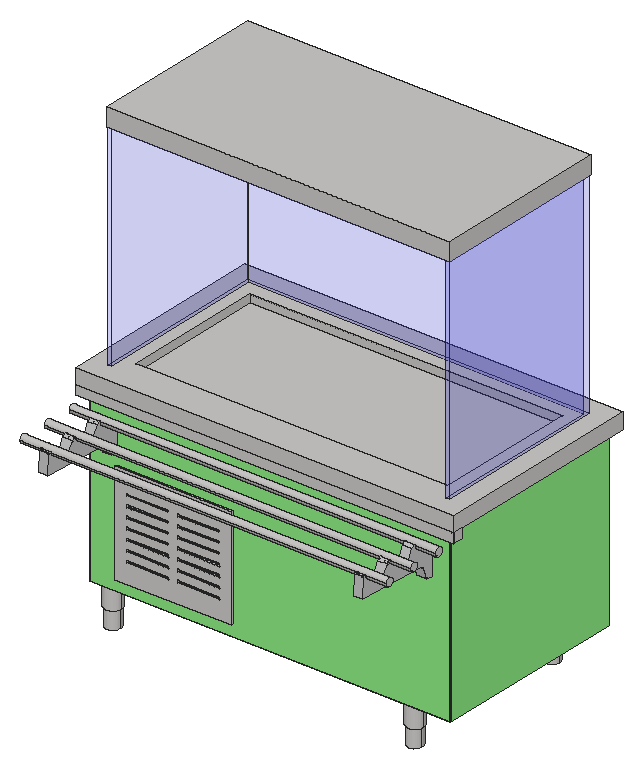
Revit family "QF_BOURGEAT_3GN_et4GN_vitrine_refrigeree_3nv", category Equipement spécialisé, Revit 2015 (continued)
Types (37, lengths in mm): name | reserve | lg_vitrine | lg_etageres | cuve_plate | Roues | Puissance électrique  | Puissance frigorifique | Poids net à vide | Pieds | profondeur_cuve | Modèle | Longueur hors tout | Intensité nominale | Etageres
  4GN_baie_libre_cuve90_etageres_roues | no | 1525 | 736 | no | yes | 2300 W | "1185W" | 335.00 kg | no | 90 | "853194 + 859424 + 854950" | 1660 | 10 A | yes
  4GN_baie_libre_cuve_plate_etageres_roues | no | 1525 | 736 | yes | yes | 2300 W | "1185W" | 335.00 kg | no | 0 | "853104 + 854924 + 854950" | 1660 | 10 A | yes
  3GN_baie_libre_cuve_plate | no | 1330 | 541 | yes | no | 2200 W | "1185W" | 315.00 kg | yes | 0 | "853133" | 1465 | 9.56522 A | no
  3GN_baie_libre_cuve90 | no | 1330 | 541 | no | no | 2200 W | "1185W" | 315.00 kg | yes | 90 | "853193" | 1465 | 9.56522 A | no
  3GN_baie_libre_cuve_plate_roues | no | 1330 | 541 | yes | yes | 2200 W | "1185W" | 315.00 kg | no | 0 | "853133 + 854950" | 1465 | 9.56522 A | no
  3GN_baie_libre_cuve90_roues | no | 1330 | 541 | no | yes | 2200 W | "1440W" | 315.00 kg | no | 90 | "853193 + 854950" | 1465 | 9.57 A | no
  3GN_reserve_cuve90 | yes | 1330 | 541 | no | no | 2300 W | "1440W" | 315.00 kg | yes | 90 | "853493" | 1465 | 10 A | no
  3GN_reserve_cuve_plate | yes | 1330 | 541 | yes | no | 2200 W | "1440W" | 315.00 kg | yes | 0 | "853403" | 1465 | 10 A | no
  3GN_reserve_cuve_plate_roues | yes | 1330 | 541 | yes | yes | 2300 W | "1440W" | 315.00 kg | no | 0 | "853403 + 854950" | 1465 | 10 A | no
  3GN_reserve_cuve90_roues | yes | 1330 | 541 | no | yes | 2300 W | "1440W" | 315.00 kg | no | 90 | "853493" | 1465 | 10 A | no
  3GN_baie_libre_cuve_plate_etageres | no | 1330 | 541 | yes | no | 2200 W | "1185W" | 315.00 kg | yes | 0 | "853133 + 854923" | 1465 | 9.56522 A | yes
  3GN_baie_libre_cuve90_etageres | no | 1330 | 541 | no | no | 2200 W | "1185W" | 315.00 kg | yes | 90 | "853193 + 854923" | 1465 | 9.56522 A | yes
  3GN_baie_libre_cuve90_etageres_roues | no | 1330 | 541 | no | yes | 2200 W | "1185W" | 315.00 kg | no | 90 | "853193 + 854923 + 854950" | 1465 | 9.56522 A | yes
  3GN_baie_libre_cuve_plate_etageres_roues | no | 1330 | 541 | yes | yes | 2200 W | "1185W" | 315.00 kg | no | 0 | "853133 + 854923 + 854950" | 1465 | 9.56522 A | yes
  3GN_baie_libre_cuve_30 | no | 1330 | 541 | yes | no | 2200 W | "1185W" | 315.00 kg | yes | 30 | "853233" | 1465 | 9.56522 A | no
  3GN_baie_libre_cuve_30_etageres | no | 1330 | 541 | yes | no | 2200 W | "1185W" | 315.00 kg | yes | 30 | "853233 + 854923" | 1465 | 9.56522 A | yes
  3GN_baie_libre_cuve_30_etageres_roues | no | 1330 | 541 | yes | yes | 2200 W | "1185W" | 315.00 kg | no | 30 | "853233 + 854923 + 854950" | 1465 | 9.56522 A | yes
  3GN_baie_libre_cuve_30_roues | no | 1330 | 541 | yes | yes | 2200 W | "1185W" | 315.00 kg | no | 30 | "853233 + 854950" | 1465 | 9.56522 A | no
  3GN_reserve_cuve_30 | yes | 1330 | 541 | yes | no | 2200 W | "1440W" | 315.00 kg | yes | 30 | "853603" | 1465 | 10 A | no
  3GN_reserve_cuve_30_roues | yes | 1330 | 541 | yes | yes | 2300 W | "1440W" | 315.00 kg | no | 30 | "853603 + 854950" | 1465 | 10 A | no
  4GN_baie_libre_cuve_30 | no | 1525 | 736 | yes | no | 2300 W | "1185W" | 355.00 kg | yes | 30 | "853204" | 1660 | 10 A | no
  4GN_baie_libre_cuve_30_etageres | no | 1525 | 736 | yes | no | 2300 W | "1185W" | 335.00 kg | yes | 30 | "853204 + 854924" | 1660 | 10 A | yes
  4GN_baie_libre_cuve_30_etageres_roues | no | 1525 | 736 | yes | yes | 2300 W | "1185W" | 335.00 kg | no | 30 | "853204 + 854924 + 854950" | 1660 | 10 A | yes
  4GN_baie_libre_cuve_30_roues | no | 1525 | 736 | yes | yes | 2300 W | "1185W" | 335.00 kg | no | 30 | "853204 + 854950" | 1660 | 10 A | no
  4GN_reserve_cuve_30 | yes | 1525 | 736 | yes | no | 2300 W | "1440W" | 335.00 kg | yes | 30 | "853604" | 1660 | 10 A | no
  4GN_reserve_cuve_30_roues | yes | 1525 | 736 | yes | no | 2300 W | "1440W" | 335.00 kg | yes | 30 | "853604 + 854950" | 1660 | 10 A | no
